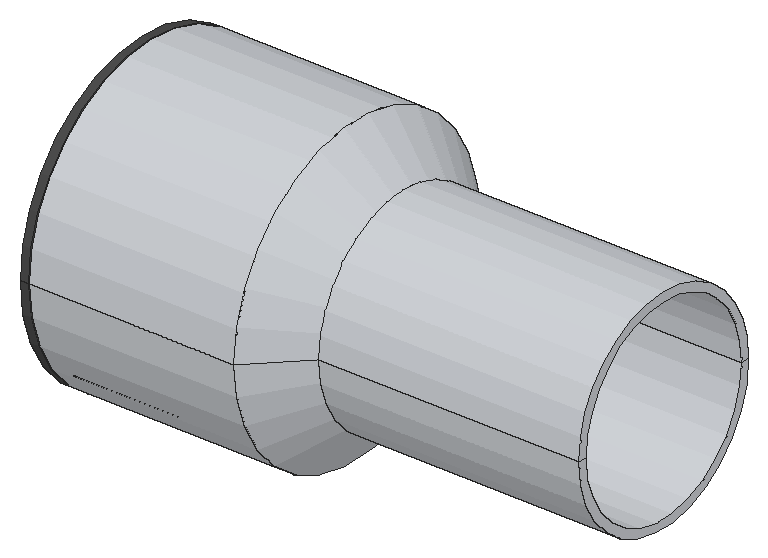
Revit family "Adaptor tehnic PP cu garnitura - adaptor PP-fonta", category Pipe Fittings, Revit 2019
Family settings
  Round Connector Dimension = Use Diameter
  Part Type = Union
  OmniClass Number = 23.60.30.11.14
  OmniClass Title = Pipework Fittings
  Work Plane-Based = No
  Always vertical = No
  Cut with Voids When Loaded = No
  Shared = No
Parameters
  T [instance] = (D - DN) / 2  # 11.00 mm
  Material [instance] = PP (Polipropilena)
  L1 [instance] = size_lookup(LookupTable, "L1", 0.00 mm, DN)  # 67.00 mm
  URL = "https://www.teraplast.ro/"
  Revizie [instance] = 1
  Manufacturer = "Teraplast"
  LookupTable [instance] = "Adaptor-tehnic-PP-cu-garnitura-PP-fonta"
  L [instance] = size_lookup(LookupTable, "L", 0.00 mm, DN)  # 121.00 mm
  Garnitura [instance] = 1
  Description = "Sistem de tevi si fitinguri din PP pentru canalizari interioare."
  DN [instance] = 50.00 mm
  D [instance] = size_lookup(LookupTable, "D", 0.00 mm, DN)  # 72.00 mm
  Cod Articol Teraplast [instance] = size_lookup(LookupTable, "", "n/a", DN)  # "SPPAT050"
Reference planes
  plane 1 "Center (Front/Back)": y = 0
  plane 2: z = 0
  plane 3 "Center (Left/Right)": x = 0
  plane 4: y = 25
  plane 5: y = -25
  plane 6: y = 36
  plane 7: y = -36
  plane 8: x = -54
  plane 9: x = 67
  plane 10: x = -5.5
  plane 11: x = 5.5
Forms (mm)
  Revolve 1, solid
    sketch origin (0, 0, 0) x (1, 0, 0) y (0, 1, 0)
      loop
        line (-54, 36) -> (-54, 34) -> (-6.328, 34) -> (0, 27.672) -> (0, 23) -> (67, 23) -> (67, 25) -> (5.5, 25) -> (-5.5, 36) -> (-54, 36)
      axis (67, 0) -> (-54, 0)
    angle from 0 to 360
  Revolve 2, solid, material "Cauciuc"
    sketch origin (0, 0, 0) x (1, 0, 0) y (0, 1, 0)
      loop
        line (-54, 36) -> (-56, 36) -> (-56, 33.186) -> (-44.975, 25) -> (-5.5, 25) -> (-5.5, 34) -> (-54, 34) -> (-54, 36)
      axis (-5.5, 0) -> (-56, 0)
    angle from 0 to 360
Dimensions and locks
  equal spacing: plane 7, plane 1 "Center (Front/Back)", plane 6
  "D": plane 7 to plane 6
  equal spacing: plane 5, plane 1 "Center (Front/Back)", plane 4
  "DN": plane 5 to plane 4
  "L": plane 8 to plane 9
  equal spacing: plane 10, plane 3 "Center (Left/Right)", plane 11
  "T": plane 10 to plane 11
  Revolve 1 sketch curve to Revolve 1 sketch curve = 2.00 mm
  Revolve 1 sketch curve to plane 4 = 2.00 mm
  Revolve 1 sketch curve to plane 6 = 2.00 mm
  "L1": plane 3 "Center (Left/Right)" to plane 9
  Revolve 2 sketch curve to plane 6 = 2.00 mm
  Revolve 2 sketch curve to plane 8 = 2.00 mm
  aligned and locked: level to plane 2
  aligned and locked: Revolve 1 sketch curve to plane 8
  aligned and locked: Revolve 1 sketch curve to plane 9
  aligned and locked: plane 4 to Revolve 1 sketch curve
  aligned and locked: plane 6 to Revolve 1 sketch curve
  aligned and locked: plane 11 to Revolve 1 sketch curve
  aligned and locked: plane 10 to Revolve 1 sketch curve
  aligned and locked: Revolve 1 sketch curve to plane 3 "Center (Left/Right)"
  aligned and locked: Revolve 2 sketch curve to plane 6
  aligned and locked: plane 8 to Revolve 2 sketch curve
  aligned and locked: Revolve 2 sketch curve to plane 10
  aligned and locked: Revolve 2 sketch curve to plane 4
Automatic sketch dimensions
  plane 1 "Center (Front/Back)" to Revolve 1 sketch curve = 0.00 mm
  Revolve 1 sketch curve to plane 8 = 1933.00 mm
  plane 9 to Revolve 1 sketch curve = 1946.00 mm
  Revolve 2 sketch curve to plane 1 "Center (Front/Back)" = 0.00 mm
  plane 8 to Revolve 2 sketch curve = 9.025 mm
  Revolve 2 sketch curve to Revolve 2 sketch curve = 0.814 mm
  Revolve 2 sketch curve to Revolve 2 sketch curve = 1944.00 mm
  plane 9 to Revolve 2 sketch curve = 1933.00 mm
Connectors
  piping at (0, 0, 0), diameter 50, driven by "DN"
    settings: on Revolve 1, index 1, connector inside diameter 609.6 mm, connector length 0.00 mm, flow factor 0, pipe flow 0.0 L/s, pressure drop 0.0 Pa, fitting loss kfactor 0, connector angle 0.00°, fixture units 0, engagement length 0.00 mm, angle of deflection 0.00°, flow configuration 0, flow direction 0, fitting loss method 0, system type 16, joint type 0, gender type 0, connector reference index 2, connector utility 0, adjustable connector no, is connector primary yes, connector description ""
  piping at (67, 0, 0), diameter 50, driven by "DN"
    settings: on Revolve 1, index 2, connector inside diameter 609.6 mm, connector length 0.00 mm, flow factor 0, pipe flow 0.0 L/s, pressure drop 0.0 Pa, fitting loss kfactor 0, connector angle 0.00°, fixture units 0, engagement length 0.00 mm, angle of deflection 0.00°, flow configuration 0, flow direction 0, fitting loss method 0, system type 16, joint type 0, gender type 0, connector reference index 1, connector utility 0, adjustable connector no, is connector primary no, connector description ""
